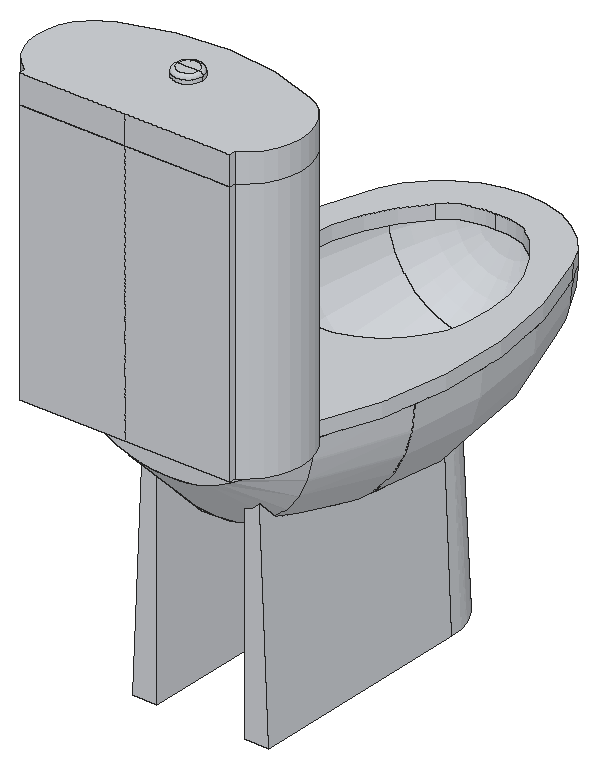
Revit family
Parameters (values of type "700 x 370mm")
  Material = none
  Button Material = none
  Assembly Code = "D2010110"
Reference planes
  plane 1: y = 0
  plane 2 "Center (Left/Right)": x = 125
  plane 3 "Back": y = 75
Text (mm)
  text "Placement side" at (-1787.139, 592.35, 0), in view "Ref. Level"
  text "Placement side" at (0, 1827.695, 2917.686), in view "Left"
  text "Placement side" at (0, 562.268, 3853.606), in view "Right"
Dimensions and locks
  locked: plane 3 "Back" to host wall at 0
  aligned and locked: host wall to plane 1
  aligned and locked: nested 1 to plane 3 "Back"
Nested families
  nested 1: "WC seat with cistern" at (125, 237.875, 0), type "540 x 360mm"
Definition of nested family "WC seat with cistern"
  Parameters (values of type "540 x 360mm")
    Material = none
    Manufacturer = "Revit"
    Button Material = none
    Assembly Code = "D2010110"
  Reference planes
    plane 1 "Center (Front/Back)": y = 0
    plane 2: z = 0
    plane 3 "Center (Left/Right)": x = 0
  Forms (mm)
    Revolve 1, solid, material <- "Material"
      sketch origin (0, 0, 390) x (1, 0, 0) y (0, 1, 0)
        loop
          arc (-174.247, -124.9) -> (-179.514, -290.639) -> (-135.875, -450.617) r 558.391
          arc (-135.875, -450.617) -> (-81.121, -515.376) -> (0, -540.098) r 150.021
          line (0, -540.098) -> (0, -520.097)
          arc (0, -520.097) -> (-70.198, -498.622) -> (-117.576, -442.547) r 130.021
          arc (-117.576, -442.547) -> (-159.862, -286.482) -> (-153.903, -124.9) r 538.391
          line (-153.903, -124.9) -> (-174.247, -124.9)
        axis (0, -540.098) -> (0, -124.9)
      angle from 0 to 180
    Extrusion 2, solid, material <- "Material"
      sketch origin (0, 0, 410) x (1, 0, 0) y (0, 1, 0)
        loop
          arc (-132.482, 7.542) -> (-183.334, -221.173) -> (-135.875, -450.617) r 558.391
          arc (-135.875, -450.617) -> (-81.121, -515.376) -> (0, -540.098) r 150.021
          arc (0, -540.098) -> (81.121, -515.376) -> (135.875, -450.617) r 150.021
          arc (135.875, -450.617) -> (183.334, -221.173) -> (132.482, 7.542) r 558.391
          line (132.482, 7.542) -> (132.482, 87.423) -> (0, 87.423) -> (-132.482, 87.423) -> (-132.482, 7.542)
        loop
          arc (0, -164.798) -> (-83.195, -195.45) -> (-126.613, -272.753) r 128.221
          arc (-126.613, -272.753) -> (-119.024, -374.181) -> (-66.602, -461.341) r 219.88
          arc (-66.602, -461.341) -> (-36.05, -480.987) -> (0, -485.429) r 81.602
          arc (0, -485.429) -> (36.05, -480.987) -> (66.602, -461.341) r 81.602
          arc (66.602, -461.341) -> (119.024, -374.181) -> (126.613, -272.753) r 219.88
          arc (126.613, -272.753) -> (115.473, -237.275) -> (94.621, -206.485) r 128.221
          arc (94.621, -206.485) -> (51.698, -175.681) -> (0, -164.798) r 128.221
      from -20 to 0
    Blend 3, solid, material <- "Material"
      base sketch origin (0, -124.9, 390) x (0, 0, -1) y (-1, 0, 0)
        loop
          line (0, 174.247) -> (0, -174.247)
          arc (0, -174.247) -> (174.247, 0) -> (0, 174.247) r 174.247
      top sketch origin (0, -124.9, 390) x (0, 0, -1) y (-1, 0, 0)
        loop
          line (0, 135.875) -> (0, -135.875)
          spline (0, -135.875) -> (37.529, -131.246) -> (72.5, -117.672) -> (102.53, -96.078) -> (125.574, -67.938) -> (140.059, -35.167) -> (145, 0) -> (140.059, 35.167) -> (125.574, 67.938) -> (102.53, 96.078) -> (72.5, 117.672) -> (37.529, 131.246) -> (0, 135.875)
      from 0 to 129.257
    Extrusion 4, solid, material <- "Material"
      sketch origin (0, 0, 410) x (1, 0, 0) y (0, 1, 0)
        loop
          line (0, 162.875) -> (-146.877, 162.875) -> (-146.877, 153.955)
          arc (-146.877, 153.955) -> (-185.074, 77.593) -> (-135.217, 8.279) r 82.528
          arc (-135.217, 8.279) -> (0, -19.38) -> (135.217, 8.279) r 344.338
          arc (135.217, 8.279) -> (185.074, 77.593) -> (146.877, 153.955) r 82.528
          line (146.877, 153.955) -> (146.877, 162.875) -> (0, 162.875)
      from 0 to 370
    Extrusion 5, solid, material <- "Material"
      sketch origin (0, 0, 770) x (1, 0, 0) y (0, 1, 0)
        loop
          line (0, 162.875) -> (-146.877, 162.875) -> (-146.877, 153.955)
          arc (-146.877, 153.955) -> (-185.074, 77.593) -> (-135.217, 8.279) r 82.528
          arc (-135.217, 8.279) -> (0, -19.38) -> (135.217, 8.279) r 344.338
          arc (135.217, 8.279) -> (185.074, 77.593) -> (146.877, 153.955) r 82.528
          line (146.877, 153.955) -> (146.877, 162.875) -> (0, 162.875)
      from 10 to 50
    Sweep 6, solid, material <- "Material"
      path origin (0, 0, 0) x (1, 0, 0) y (0, 1, 0)
        loop
          line (-81.095, 30.427) -> (-81.095, -289.573)
          arc (-81.095, -289.573) -> (0, -370.668) -> (81.095, -289.573) r 81.095
          line (81.095, -289.573) -> (81.095, 30.427)
      profile origin (0, -129.573, 0) x (1, 0, 0) y (0, 0, 1)
        loop
          line (-95, 0) -> (-61.095, 0) -> (-61.095, 325.717) -> (-81.095, 325.717) -> (-95, 0)
    Blend 7, solid, material <- "Material"
      base sketch origin (0, 4.356, 390) x (0, 0, -1) y (-1, 0, 0)
        loop
          arc (0, -135.875) -> (143.585, 0) -> (0, 135.875) r 136.082
          line (0, 135.875) -> (0, -135.875)
      top sketch origin (0, 4.356, 390) x (0, 0, -1) y (-1, 0, 0)
        loop
          arc (0, -132.482) -> (58.66, 0) -> (0, 132.482) r 178.934
          line (0, 132.482) -> (0, -132.482)
      from 0 to 83.067
    Revolve 8, void
      sketch origin (0, 0, 390) x (1, 0, 0) y (0, 1, 0)
        loop
          arc (-133.932, 4.356) -> (-183.344, -222.923) -> (-135.875, -450.617) r 558.391
          arc (-135.875, -450.617) -> (-81.121, -515.376) -> (0, -540.098) r 150.021
          line (0, -540.098) -> (0, 4.356) -> (-133.932, 4.356)
        axis (0, -540.098) -> (0, 4.356)
      angle from 0 to 180
    Revolve 9, solid, material <- "Button Material", detail levels medium+fine
      sketch origin (0, 52.458, 0) x (1, 0, 0) y (0, 0, 1)
        loop
          line (0, 820) -> (0, 830) -> (-15, 830)
          arc (-15, 830) -> (-18.536, 828.536) -> (-20, 825) r 5
          line (-20, 825) -> (-20, 820) -> (0, 820)
        axis (0, 830) -> (0, 820)
      angle from 0 to 360
  Cuts and joins
    Revolve 8 cuts Sweep 6
  Lines and regions (mm)
    symbolic lines, detail levels medium+fine
      curve 1: arc (21.531, 51.583, 0) -> (0.645, 72.468, 0) -> (-20.24, 51.583, 0) r 20.885
      curve 2: arc (-20.24, 51.583, 0) -> (0.645, 30.698, 0) -> (21.531, 51.583, 0) r 20.885
      curve 9: arc (-80.999, -102.539, 0) -> (-73.169, -94.71, 0) -> (-65.34, -102.539, 0) r 7.83
      curve 10: arc (-80.999, -102.539, 0) -> (-73.169, -110.369, 0) -> (-65.34, -102.539, 0) r 7.83
      curve 11: arc (66.958, -102.539, 0) -> (74.788, -110.369, 0) -> (82.618, -102.539, 0) r 7.83
      curve 12: arc (66.958, -102.539, 0) -> (74.788, -94.71, 0) -> (82.618, -102.539, 0) r 7.83
    symbolic lines
      curve 3: line (-30.78, -255.357, 0) -> (30.78, -255.357, 0)
      curve 4: line (30.78, -255.357, 0) -> (43.112, -267.689, 0)
      curve 5: arc (43.112, -267.689, 0) -> (56.291, -291.025, 0) -> (55.525, -317.815, 0) r 50
      curve 6: arc (55.525, -317.815, 0) -> (0.001, -358.765, 0) -> (-55.525, -317.818, 0) r 58.12
      curve 7: arc (-55.525, -317.818, 0) -> (-56.292, -291.027, 0) -> (-43.113, -267.689, 0) r 50
      curve 8: line (-43.113, -267.689, 0) -> (-30.78, -255.357, 0)
      curve 13: arc (-146.877, 153.955, 0) -> (-185.074, 77.593, 0) -> (-135.217, 8.279, 0) r 82.528
      curve 14: arc (-135.217, 8.279, 0) -> (0, -19.38, 0) -> (135.217, 8.279, 0) r 344.338
      curve 15: arc (135.217, 8.279, 0) -> (185.074, 77.593, 0) -> (146.877, 153.955, 0) r 82.528
      curve 16: line (146.877, 153.955, 0) -> (146.877, 162.875, 0)
      curve 17: line (146.877, 162.875, 0) -> (0, 162.875, 0)
      curve 18: line (0, 162.875, 0) -> (-146.877, 162.875, 0)
      curve 19: line (-146.877, 162.875, 0) -> (-146.877, 153.955, 0)
      curve 20: arc (-132.482, 7.542, 0) -> (-183.334, -221.173, 0) -> (-135.875, -450.617, 0) r 558.391
      curve 21: arc (-135.875, -450.617, 0) -> (-81.121, -515.376, 0) -> (0, -540.098, 0) r 150.021
      curve 22: arc (0, -540.098, 0) -> (81.121, -515.376, 0) -> (135.875, -450.617, 0) r 150.021
      curve 23: arc (135.875, -450.617, 0) -> (183.334, -221.173, 0) -> (132.482, 7.542, 0) r 558.391
      curve 24: arc (-66.602, -461.341, 0) -> (-119.024, -374.181, 0) -> (-126.613, -272.753, 0) r 219.88
      curve 25: arc (-126.613, -272.753, 0) -> (-83.195, -195.45, 0) -> (0, -164.798, 0) r 128.221
      curve 26: arc (0, -164.798, 0) -> (51.698, -175.681, 0) -> (94.621, -206.485, 0) r 128.221
      curve 27: arc (94.621, -206.485, 0) -> (115.473, -237.275, 0) -> (126.613, -272.753, 0) r 128.221
      curve 28: arc (126.613, -272.753, 0) -> (119.024, -374.181, 0) -> (66.602, -461.341, 0) r 219.88
      curve 29: arc (66.602, -461.341, 0) -> (36.05, -480.987, 0) -> (0, -485.429, 0) r 81.602
      curve 30: arc (0, -485.429, 0) -> (-36.05, -480.987, 0) -> (-66.602, -461.341, 0) r 81.602
  Dimensions and locks
    aligned and locked: Extrusion 2 to Revolve 1
